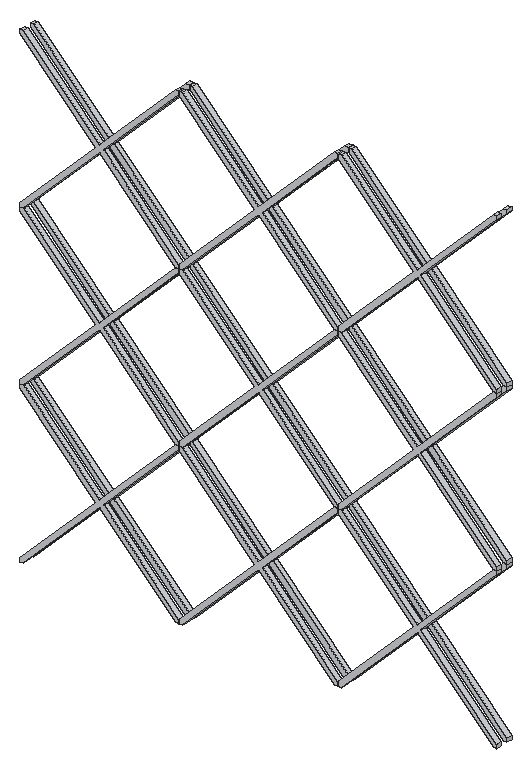
Revit family "M_Padrão do montante_diamante_3x3", category Modelos genéricos, Revit 2019
Family settings
  Pode hospedar o vergalhão = Não
  Cota do conector redondo = Utilizar diâmetro
  Tipo de parte = Normal
  Com base no plano de trabalho = Não
  Sempre na vertical = Sim
  Corte com vazios quando carregada = Não
  Compartilhado = Sim
  Ponto de cálculo do ambiente = Não
Parameters
  Largura [instance] = 1200 mm
  Espessura = 12.7 mm
  Altura [instance] = 1200 mm
  Material interior [instance] = none
  Material externo [instance] = none
  Distância = 19.05 mm
Reference planes
  plane 1 "Centro (Frente/Trás)": y = 0
  plane 2: z = 0
  plane 3 "Centro (Esquerda/Direita)": x = 0
  plane 4: z = 1200
  plane 5: x = -600
  plane 6: x = 600
  plane 7: z = 800
  plane 8: z = 400
  plane 9: x = -200
  plane 10: x = 200
Dimensions and locks
  equal spacing: plane 6, plane 3 "Centro (Esquerda/Direita)", plane 5
  "Largura": plane 6 to plane 5
  "Altura": plane 4 to plane 2
  equal spacing: plane 4, plane 7, plane 8, plane 2
  equal spacing: plane 6, plane 10, plane 9, plane 5
  aligned and locked: plane 2 to level
  aligned and locked: plane 1 "Centro (Frente/Trás)" to nested 1
  aligned and locked: plane 1 "Centro (Frente/Trás)" to nested 2
  aligned and locked: plane 1 "Centro (Frente/Trás)" to nested 3
  aligned and locked: plane 1 "Centro (Frente/Trás)" to nested 4
  aligned and locked: plane 1 "Centro (Frente/Trás)" to nested 5
  aligned and locked: plane 1 "Centro (Frente/Trás)" to nested 6
  aligned and locked: plane 1 "Centro (Frente/Trás)" to nested 7
  aligned and locked: plane 1 "Centro (Frente/Trás)" to nested 8
  aligned and locked: plane 1 "Centro (Frente/Trás)" to nested 9
  aligned and locked: plane 9 to nested 3
  aligned and locked: plane 9 to nested 2
  aligned and locked: plane 9 to nested 1
  aligned and locked: plane 5 to nested 1
  aligned and locked: plane 5 to nested 3
  aligned and locked: plane 5 to nested 2
  aligned and locked: plane 2 to nested 3
  aligned and locked: plane 8 to nested 3
  aligned and locked: plane 8 to nested 1
  aligned and locked: plane 7 to nested 1
  aligned and locked: plane 7 to nested 2
  aligned and locked: plane 4 to nested 2
  aligned and locked: plane 2 to nested 7
  aligned and locked: plane 8 to nested 7
  aligned and locked: plane 8 to nested 8
  aligned and locked: plane 7 to nested 8
  aligned and locked: plane 7 to nested 9
  aligned and locked: plane 4 to nested 9
  aligned and locked: plane 9 to nested 9
  aligned and locked: plane 9 to nested 8
  aligned and locked: plane 9 to nested 7
  aligned and locked: plane 10 to nested 7
  aligned and locked: plane 10 to nested 8
  aligned and locked: plane 10 to nested 9
  aligned and locked: plane 10 to nested 4
  aligned and locked: plane 10 to nested 6
  aligned and locked: plane 10 to nested 5
  aligned and locked: plane 6 to nested 6
  aligned and locked: plane 6 to nested 4
  aligned and locked: plane 6 to nested 5
  aligned and locked: plane 2 to nested 6
  aligned and locked: plane 8 to nested 6
  aligned and locked: plane 8 to nested 4
  aligned and locked: plane 7 to nested 4
  aligned and locked: plane 7 to nested 5
  aligned and locked: plane 4 to nested 5
Nested families
  nested 1: "M_Padrão do montante_diamante" at (-400, 0, 400), Material externo <- "Material externo", Material interior <- "Material interior", type "M_Padrão do montante_diamante"
    with W 400 mm, Material interior none, H 400 mm, Material externo none
  nested 2: "M_Padrão do montante_diamante" at (-400, 0, 800), Material externo <- "Material externo", Material interior <- "Material interior", type "M_Padrão do montante_diamante"
    with W 400 mm, Material interior none, H 400 mm, Material externo none
  nested 3: "M_Padrão do montante_diamante" at (-400, 0, 0), Material externo <- "Material externo", Material interior <- "Material interior", type "M_Padrão do montante_diamante"
    with W 400 mm, Material interior none, H 400 mm, Material externo none
  nested 4: "M_Padrão do montante_diamante" at (400, 0, 400), Material externo <- "Material externo", Material interior <- "Material interior", type "M_Padrão do montante_diamante"
    with W 400 mm, Material interior none, H 400 mm, Material externo none
  nested 5: "M_Padrão do montante_diamante" at (400, 0, 800), Material externo <- "Material externo", Material interior <- "Material interior", type "M_Padrão do montante_diamante"
    with W 400 mm, Material interior none, H 400 mm, Material externo none
  nested 6: "M_Padrão do montante_diamante" at (400, 0, 0), Material externo <- "Material externo", Material interior <- "Material interior", type "M_Padrão do montante_diamante"
    with W 400 mm, Material interior none, H 400 mm, Material externo none
  nested 7: "M_Padrão do montante_diamante" at (0, 0, 0), Material externo <- "Material externo", Material interior <- "Material interior", type "M_Padrão do montante_diamante"
    with W 400 mm, Material interior none, H 400 mm, Material externo none
  nested 8: "M_Padrão do montante_diamante" at (0, 0, 400), Material externo <- "Material externo", Material interior <- "Material interior", type "M_Padrão do montante_diamante"
    with W 400 mm, Material interior none, H 400 mm, Material externo none
  nested 9: "M_Padrão do montante_diamante" at (0, 0, 800), Material externo <- "Material externo", Material interior <- "Material interior", type "M_Padrão do montante_diamante"
    with W 400 mm, Material interior none, H 400 mm, Material externo none
Definition of nested family "M_Padrão do montante_diamante"
  Parameters (values of type "M_Padrão do montante_diamante")
    W [instance] = 1200 mm
    Espessura = 12.7 mm
    H [instance] = 1200 mm
    Material interior [instance] = none
    Distância = 19.05 mm
    Material externo [instance] = none
  Reference planes
    plane 1 "Centro (Frente/Trás)": y = 0
    plane 2: z = 0
    plane 3 "Centro (Esquerda/Direita)": x = 0
    plane 4: z = 1200
    plane 5: x = -600
    plane 6: x = 600
    plane 7: z = 600
    plane 8: y = 9.525
    plane 9: y = -9.525
    plane 10: y = 22.225
    plane 11: y = -22.225
  Forms (mm)
    Extrusion 1, solid, material <- "Material externo", detail levels fine
      sketch origin (-600, 0, 1200) x (0.707107, 0, -0.707107) y (0.707107, 0, 0.707107)
        loop
          line (0, 6.35) -> (0, -6.35) -> (1697.056, -6.35) -> (1697.056, 6.35) -> (0, 6.35)
      from -22.225 to -9.525
    Extrusion 2, solid, material <- "Material externo", detail levels fine
      sketch origin (600, 0, 1200) x (-0.707107, 0, -0.707107) y (0.707107, 0, -0.707107)
        loop
          line (1697.056, 6.35) -> (0, 6.35) -> (0, -6.35) -> (1697.056, -6.35) -> (1697.056, 6.35)
      from -22.225 to -9.525
    Extrusion 3, void
      sketch origin (0, 0, 0) x (1, 0, 0) y (0, 0, 1)
        loop
          line (-600, 1200) -> (-600, 0) -> (600, 0) -> (600, 1200) -> (-600, 1200)
        loop
          line (-612.7, 1212.7) -> (-612.7, -12.7) -> (612.7, -12.7) -> (612.7, 1212.7) -> (-612.7, 1212.7)
      from -22.225 to 22.225
    Extrusion 4, solid, material <- "Material interior", detail levels fine
      sketch origin (-600, 0, 1200) x (0.707107, 0, -0.707107) y (0.707107, 0, 0.707107)
        loop
          line (0, 6.35) -> (0, -6.35) -> (1697.056, -6.35) -> (1697.056, 6.35) -> (0, 6.35)
      from 9.525 to 22.225
    Extrusion 5, solid, material <- "Material interior", detail levels fine
      sketch origin (600, 0, 1200) x (-0.707107, 0, -0.707107) y (0.707107, 0, -0.707107)
        loop
          line (0, -6.35) -> (1697.056, -6.35) -> (1697.056, 6.35) -> (0, 6.35) -> (0, -6.35)
      from 9.525 to 22.225
  Cuts and joins
    Extrusion 3 cuts Extrusion 1
    Extrusion 3 cuts Extrusion 2
    joined: Extrusion 1, Extrusion 2
    Extrusion 3 cuts Extrusion 4
    Extrusion 3 cuts Extrusion 5
    joined: Extrusion 4, Extrusion 5
  Lines and regions (mm)
    reference lines
      curve 1: line (-600, 0, 1200) -> (600, 0, 0)
      curve 2: line (600, 0, 1200) -> (-600, 0, 0)
      curve 3: line (-600, 0, 1200) -> (-447.336, 0, 1352.664)
      curve 4: line (600, 0, 0) -> (793.076, 0, 193.076)
      curve 5: line (-529.006, 0, 1120.026) -> (416.643, 0, 174.377)
      curve 6: line (-520.026, 0, 1129.006) -> (425.623, 0, 183.357)
      curve 7: line (600, 0, 1200) -> (469.786, 0, 1330.214)
      curve 8: line (-600, 0, 0) -> (-707.763, 0, 107.763)
      curve 9: line (-595.51, 0, -4.49) -> (557.214, 0, 1148.233)
      curve 10: line (-604.49, 0, 4.49) -> (548.233, 0, 1157.214)
    model lines, detail levels medium
      curve 11: line (600, 9.525, 0) -> (-600, 9.525, 1200)
      curve 12: line (600, 9.525, 1200) -> (-600, 9.525, 0)
      curve 13: line (600, -9.525, 0) -> (-600, -9.525, 1200)
      curve 14: line (600, -9.525, 1200) -> (-600, -9.525, 0)
  Dimensions and locks
    equal spacing: plane 6, plane 3 "Centro (Esquerda/Direita)", plane 5
    "W": plane 6 to plane 5
    "H": plane 4 to plane 2
    equal spacing: plane 4, plane 7, plane 2
    equal spacing: curve 5, curve 1, curve 6
    "Espessura": curve 5 to curve 6
    equal spacing: curve 9, curve 2, curve 10
    "Espessura": curve 9 to curve 10
    "Espessura": Extrusion 3 sketch curve to plane 6
    "Espessura": plane 2 to Extrusion 3 sketch curve
    "Espessura": plane 5 to Extrusion 3 sketch curve
    "Espessura": Extrusion 3 sketch curve to plane 4
    "Distância": plane 8 to plane 9
    equal spacing: plane 8, plane 1 "Centro (Frente/Trás)", plane 9
    "Espessura": plane 10 to plane 8
    "Espessura": plane 9 to plane 11
    locked: curve 1 to curve 3 (angle 90.00°)
    locked: curve 4 to curve 1 (angle 90.00°)
    locked: curve 7 to curve 2 (angle 90.00°)
    locked: curve 2 to curve 8 (angle 90.00°)
    aligned and locked: plane 2 to level
    aligned and locked: plane 4 to curve 1
    aligned and locked: plane 5 to curve 1
    aligned and locked: plane 2 to curve 2
    aligned and locked: plane 5 to curve 2
    aligned and locked: plane 6 to curve 1
    aligned and locked: plane 2 to curve 1
    aligned and locked: plane 6 to curve 2
    aligned and locked: plane 4 to curve 2
    aligned and locked: plane 4 to curve 3
    aligned and locked: plane 5 to curve 3
    aligned and locked: plane 6 to curve 4
    aligned and locked: plane 2 to curve 4
    aligned and locked: Extrusion 1 sketch curve to curve 5
    aligned and locked: Extrusion 1 sketch curve to curve 3
    aligned and locked: Extrusion 1 sketch curve to curve 6
    aligned and locked: curve 6 to Extrusion 1 sketch curve
    aligned and locked: curve 5 to Extrusion 1 sketch curve
    aligned and locked: Extrusion 1 sketch curve to curve 4
    aligned and locked: curve 4 to Extrusion 1 sketch curve
    aligned and locked: plane 5 to curve 8
    aligned and locked: plane 2 to curve 8
    aligned and locked: plane 6 to curve 7
    aligned and locked: plane 4 to curve 7
    aligned and locked: Extrusion 2 sketch curve to curve 10  (x2)
    aligned and locked: Extrusion 2 sketch curve to curve 8  (x2)
    aligned and locked: curve 9 to Extrusion 2 sketch curve  (x2)
    aligned and locked: curve 7 to Extrusion 2 sketch curve
    aligned and locked: plane 5 to Extrusion 3 sketch curve
    aligned and locked: Extrusion 3 sketch curve to plane 4
    aligned and locked: Extrusion 3 sketch curve to plane 6
    aligned and locked: plane 2 to Extrusion 3 sketch curve
    aligned and locked: plane 10 to cut or joined group of Extrusion 1, Extrusion 2, Extrusion 3  (x2)
    aligned and locked: cut or joined group of Extrusion 1, Extrusion 2, Extrusion 3 to plane 8  (x2)
    aligned and locked: plane 10 to Extrusion 3
    aligned and locked: Extrusion 3 to plane 11
    aligned and locked: curve 3 to Extrusion 4 sketch curve
    aligned and locked: Extrusion 4 sketch curve to curve 3
    aligned and locked: Extrusion 4 sketch curve to curve 6
    aligned and locked: Extrusion 4 sketch curve to curve 5
    aligned and locked: Extrusion 4 sketch curve to curve 4
    aligned and locked: curve 6 to Extrusion 4 sketch curve
    aligned and locked: curve 5 to Extrusion 4 sketch curve
    aligned and locked: Extrusion 5 sketch curve to curve 9
    aligned and locked: Extrusion 5 sketch curve to curve 10
    aligned and locked: Extrusion 5 sketch curve to curve 7  (x2)
    aligned and locked: Extrusion 5 sketch curve to curve 8  (x2)
    aligned and locked: curve 9 to Extrusion 5 sketch curve
    aligned and locked: curve 10 to Extrusion 5 sketch curve
    aligned and locked: Extrusion 4 to plane 11
    aligned and locked: Extrusion 5 to plane 11
    aligned and locked: plane 9 to Extrusion 4
    aligned and locked: plane 9 to Extrusion 5
    aligned and locked: plane 2 to curve 11
    aligned and locked: plane 6 to curve 11
    aligned and locked: plane 5 to curve 11
    aligned and locked: plane 4 to curve 11
    aligned and locked: plane 5 to curve 12
    aligned and locked: plane 2 to curve 12
    aligned and locked: plane 4 to curve 12
    aligned and locked: plane 6 to curve 12
    aligned and locked: plane 2 to curve 13
    aligned and locked: plane 6 to curve 13
    aligned and locked: plane 4 to curve 14
    aligned and locked: plane 6 to curve 14
    aligned and locked: plane 4 to curve 13
    aligned and locked: plane 5 to curve 13
    aligned and locked: plane 2 to curve 14
    aligned and locked: plane 5 to curve 14
  Automatic sketch dimensions
    curve 1 to curve 6 = 106.751 mm
    curve 1 to curve 5 = 106.751 mm
    curve 5 to curve 1 = 252.956 mm
    curve 6 to curve 5 = 0 mm
    curve 2 to curve 9 = 0 mm
    curve 2 to curve 9 = 66.859 mm
    curve 2 to curve 10 = 66.859 mm
